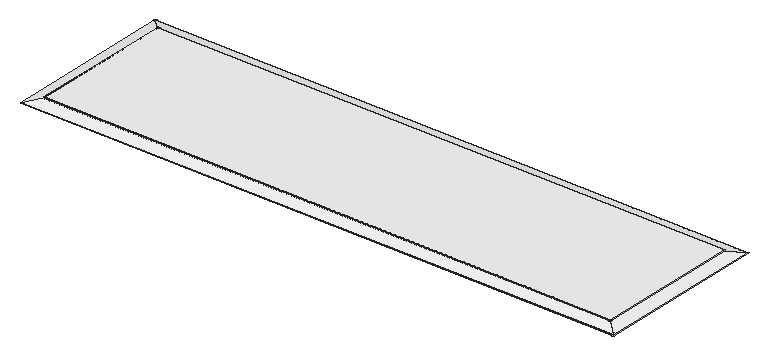
Revit family "NBS_COBAAfrica_EntMatt_TrioBrush", category Generic Models, host Face, Revit 2018
Family settings
  Host = Face
  Can host rebar = No
  Round Connector Dimension = Use Diameter
  Part Type = Normal
  Cut with Voids When Loaded = No
  Shared = No
  Room Calculation Point = No
Parameters (values of type "2000x500mm")
  WarrantyGuarantorLabor = "n/a"
  WarrantyDurationLabor = "n/a"
  Uniclass2015Version = "Products v1.15"
  Uniclass2015Title = "Entrance mats"
  Uniclass2015Code = "Pr_35_57_11_26"
  SurfaceInsertWidth = "n/a"
  SurfaceInsertOptions = "Can be custom designed with personalised logo or message"
  Pattern = "Textured polypropylene fibres combined with alternating woven brush and polyamide strips"
  MatwellEdgingWidth [instance] = 2.50 mm
  WarrantyStartDate [instance] = "1900-12-31T23:59:59"
  WarrantyGuarantorParts = "n/a"
  WarrantyDurationUnit = "year"
  WarrantyDurationParts = "n/a (dependent on application)"
  WarrantyDescription = "n/a"
  Version = "1"  # constant formula
  TrafficType = "Pedestrian, wheel chairs, pushchairs and trolleys"
  ThermalTransmittance = 0
  TagNumber [instance] = "n/a"
  SustainabilityPerformance = "n/a"
  SurfaceSpreadOfFlame = "n/a"
  Size = "n/a"
  Shape = "n/a"
  SerialNumber [instance] = "n/a"
  Revision = "n/a"
  ReplacementCost = "n/a"
  Reference = "n/a"
  RampedEdging [instance] = and(MattingSurface, EdgingRequired)  # yes
  ProductInformation = "https://www.matting.co.za/commercial/product/trio-brush/"
  NominalWidth = EntranceMattingWidth  # 2000.00 mm
  NominalLength = EntranceMattingLength  # 500.00 mm
  NominalHeight = EntranceMattingHeight  # 13.00 mm
  Name = "EntMatt_TrioBrush_COBAAfrica"
  NBSReference = "45-35-35/420"
  NBSDescription = "Entrance matting"
  NBSCertification = "n/a"
  ModelReference = "Trio Brush"
  ModelNumber = "PMT"
  MatwellEdging [instance] = and(MattingRecessed, EdgingRequired)  # no
  MattingHeight = "13 mm"
  Material = "100% Polypropylene needle ribs alternated with woven brush and drying stripes in polyamide"
  ManufacturerURL = "www.cobaafrica.com"
  ManufacturerName = "COBA Africa"  # constant formula
  LinkingJoints = "n/a"
  IsExternal = no
  IntegralAccessoryOptions = "Optional PVC bevelled edging"
  IntegralAccessories = "n/a"
  InstallationDate [instance] = "1900-12-31T23:59:59"
  IfcExportType = "FLOORING"  # constant formula
  IfcExportAs = "IfcCoveringType"  # constant formula
  HasNonSkidSurface = yes
  HasAntiStaticSurface = no
  Grade = "n/a"
  FragilityRating = "n/a"
  FlammabilityRating = "n/a"
  FireRating = "Efl"
  Finish = "n/a"
  Features = "n/a"
  ExpectedLife = "5 years plus if used in the correct environment for the volume and type of traffic as per specification"
  EdgingRequired [instance] = yes
  MattingSurface [instance] = yes
  MattingRecessed [instance] = not(MattingSurface)  # no
  MattingOffsetCalc [instance] = if(and(MattingSurface, not(EdgingRequired)), EntranceMattingHeight, if(and(MattingSurface, EdgingRequired), EntranceMattingHeight + 1.20 mm, 0.00 mm))  # 14.20 mm
  FloorRecessWidth [instance] = if(and(EdgingRequired, MattingRecessed), EntranceMattingWidth + (2 * MatwellEdgingWidth), EntranceMattingWidth)  # 2000.00 mm
  FloorRecessLength [instance] = if(and(EdgingRequired, MattingRecessed), EntranceMattingLength + (2 * MatwellEdgingWidth), EntranceMattingLength)  # 500.00 mm
  FloorRecessDepth [instance] = 25.00 mm
  Manufacturer = "sales@cobaafrica.com"  # constant formula
  MattingRecessCalc [instance] = if(and(MattingSurface, not(EdgingRequired)), EntranceMattingHeight + 0.50 mm, if(and(MattingSurface, EdgingRequired), EntranceMattingHeight + 1.70 mm, FloorRecessDepth))  # 14.70 mm
  EntranceMattingWidth = 2000.00 mm
  EntranceMattingMaterial = NBS_Concept
  EntranceMattingLength = 500.00 mm
  EntranceMattingHeight = 13.00 mm
  EdgingMaterial = NBS_Concept
  DurationUnit = "n/a"
  Description = "Attractive and hard wearing entrance matting"
  Default Elevation = 1200.00 mm
  Construction = "Closed"
  Constituents = "n/a"
  Combustible = no
  Color = "n/a"
  CodePerformance = "n/a"
  Category = "n/a"
  CarpetColourOptions = "Anthracite, Brown"
  BaseMaterial = "Anti-slip latex"
  BaseColour = "Black"
  BarCode [instance] = "n/a"
  BIMObjectName = "NBS_COBAAfrica_EntranceMatting_TrioBrush"
  Author = "NBS"  # constant formula
  AssetType = "Fixed"
  AssetIdentifier [instance] = "n/a"
  ArrangementOptions = "Interior or exterior fully covered facility entrances in a mat well or loose-lay with PVC edging"
  Arrangement = "n/a"
  AcousticRating = "n/a"
  AccessibilityPerformance = "n/a"
Reference planes
  plane 1 "Center (Front/Back)": y = 0
  plane 2: z = 0
  plane 3 "Center (Left/Right)": x = 0
  plane 4: y = 250
  plane 5: y = -250
  plane 6: x = -1000
  plane 7: x = 1000
  plane 8 "MattingBottom": z = 1.2
  plane 9 "MattingTop": z = 14.2
  plane 10 "RecessBottom": z = -0.5
  plane 11: x = -1000
  plane 12: x = 1000
  plane 13: y = 250
  plane 14: y = -250
Forms (mm)
  Extrusion 1, solid, material "NBS_Concept" <- "EntranceMattingMaterial"
    sketch origin (-696.176, -4572, 1.2) x (-1, 0, 0) y (0, -1, 0)
      loop
        line (303.824, -4822) -> (303.824, -4322) -> (-1696.176, -4322) -> (-1696.176, -4822) -> (303.824, -4822)
    from 0 to 13
  Extrusion 2, void
    sketch origin (-696.176, -4572, 1.2) x (-1, 0, 0) y (0, -1, 0)
      loop
        line (303.824, -4822) -> (303.824, -4322) -> (-1696.176, -4322) -> (-1696.176, -4822) -> (303.824, -4822)
    from -1.7 to 13
  Sweep 3, solid, material "NBS_Concept" <- "EdgingMaterial", visible <- "RampedEdging"
    path in 3D
      loop
        line (-1000, 250, 1.2) -> (1000, 250, 1.2) -> (1000, -250, 1.2) -> (-1000, -250, 1.2) -> (-1000, 250, 1.2)
    profile origin (-1000, 0, 1.2) x (1, 0, 0) y (0, 0, -1)
      loop
        line (0, 0) -> (18, 0) -> (18, 1.2) -> (-46.339, 1.2)
        arc (-46.339, 1.2) -> (-46.996, 0.616) -> (-46.491, -0.104) r 0.661
        line (-46.491, -0.104) -> (-1.588, -10.672)
        arc (-1.588, -10.672) -> (-0.49, -10.428) -> (0, -9.415) r 1.292
        line (0, -9.415) -> (0, 0)
  Sweep 4, solid, material "NBS_Concept" <- "EdgingMaterial", visible <- "MatwellEdging"
    path in 3D
      loop
        line (-1000, 250, 1.2) -> (1000, 250, 1.2) -> (1000, -250, 1.2) -> (-1000, -250, 1.2) -> (-1000, 250, 1.2)
    profile origin (-1000, 0, 1.2) x (1, 0, 0) y (0, 0, -1)
      loop
        line (0, -13) -> (0, 0) -> (-2.5, 0) -> (-2.5, -13) -> (0, -13)
Lines and regions (mm)
  sketch lines
    curve 1: line (-1000, -250, 1.2) -> (-1000, 250, 1.2)
    curve 2: line (1000, -250, 1.2) -> (-1000, -250, 1.2)
    curve 3: line (-1000, 250, 1.2) -> (1000, 250, 1.2)
    curve 4: line (1000, 250, 1.2) -> (1000, -250, 1.2)
    curve 5: line (-1000, -250, 1.2) -> (-1000, 250, 1.2)
    curve 6: line (1000, -250, 1.2) -> (-1000, -250, 1.2)
    curve 7: line (-1000, 250, 1.2) -> (1000, 250, 1.2)
    curve 8: line (1000, 250, 1.2) -> (1000, -250, 1.2)
Dimensions and locks
  equal spacing: plane 4, plane 1 "Center (Front/Back)", plane 5
  "EntranceMattingLength": plane 4 to plane 5
  equal spacing: plane 6, plane 3 "Center (Left/Right)", plane 7
  "EntranceMattingWidth": plane 6 to plane 7
  "EntranceMattingHeight": plane 9 "MattingTop" to plane 8 "MattingBottom"
  "MattingOffsetCalc": plane 9 "MattingTop" to level
  "MattingRecessCalc": plane 9 "MattingTop" to plane 10 "RecessBottom"
  equal spacing: host sketch curve, plane 3 "Center (Left/Right)", host sketch curve
  "FloorRecessWidth": host sketch curve to host sketch curve
  equal spacing: host sketch curve, plane 1 "Center (Front/Back)", host sketch curve
  "FloorRecessLength": host sketch curve to host sketch curve
  locked: plane 6 to Sweep 3 sketch curve at 46.339
  locked: plane 8 "MattingBottom" to Sweep 3 sketch curve at 1.2
  equal spacing: plane 11, plane 3 "Center (Left/Right)", plane 12
  "FloorRecessWidth": plane 11 to plane 12
  equal spacing: plane 13, plane 1 "Center (Front/Back)", plane 14
  "FloorRecessLength": plane 13 to plane 14
  "MatwellEdgingWidth": Sweep 4 sketch curve to profile plane
  aligned and locked: plane 2 to host face
  aligned and locked: level to host face
  aligned and locked: plane 5 to Extrusion 1 sketch curve
  aligned and locked: Extrusion 1 sketch curve to plane 7
  aligned and locked: Extrusion 1 sketch curve to plane 4
  aligned and locked: plane 6 to Extrusion 1 sketch curve
  aligned and locked: Extrusion 1 to plane 8 "MattingBottom"
  aligned and locked: Extrusion 1 to plane 9 "MattingTop"
  aligned and locked: Extrusion 2 to plane 9 "MattingTop"
  aligned and locked: Extrusion 2 to plane 10 "RecessBottom"
  aligned and locked: plane 6 to Sweep 3 sketch curve
  aligned and locked: Sweep 3 sketch curve to plane 8 "MattingBottom"
  aligned and locked: Extrusion 2 sketch curve to plane 13
  aligned and locked: plane 11 to Extrusion 2 sketch curve
  aligned and locked: plane 14 to Extrusion 2 sketch curve
  aligned and locked: Extrusion 2 sketch curve to plane 12
  aligned and locked: Sweep 4 sketch curve to plane 8 "MattingBottom"
  aligned and locked: Sweep 4 sketch curve to plane 9 "MattingTop"
Automatic sketch dimensions
  Sweep 3 sketch curve to profile plane = 18.00 mm
  Sweep 3 sketch curve to profile plane = 9.415 mm
  Sweep 3 sketch curve to profile plane = 0.104 mm
  Sweep 3 sketch curve to Sweep 3 sketch curve = 0.151 mm
  profile plane to Sweep 3 sketch curve = 1.588 mm
  Sweep 3 sketch curve to Sweep 3 sketch curve = 0.296 mm
  profile plane to Sweep 4 sketch curve = 0.00 mm
